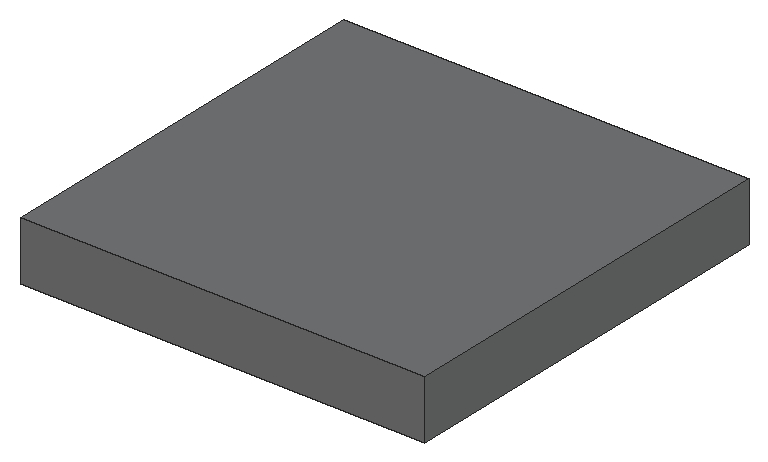
Revit family "Gira_028501", category Electrical Fixtures, host Face, Revit 2017
Family settings
  Host = Face
  Maintain Annotation Orientation = No
  Round Connector Dimension = Use Diameter
  Part Type = Normal
  Cut with Voids When Loaded = No
  Shared = No
  Room Calculation Point = No
Parameters (values of type "Rocker sym.light System 55 cr.white")
  With exchangeable lens/symbol = "No"
  URL = "http://katalog.gira.de/en/datenblatt.html?artikelnr=028501"
  Suitable for touch sensor connector for bus system = "No"
  Scannable symbol / barrier free = "No"
  Name = "Rocker sym.light System 55 cr.white"
  Monitoring window/light outlet = "No"
  Model = "Single rocker"
  Manufacturer URL = "https://www.gira.de/"
  Manufacturer = "Gira"
  Keynote = ""
  HeinzeBIM = "https://bimportal.heinze.de/bim/rocker-sym-light-system-55-cr-white/d88663e9f88a82500990701dfed52db95669fe76"
  HAN = "028501"
  GTIN = "4010337285014"
  Description = "Rock.sym.light Sys55 CW,Rocker with symbol,Light,cream white glossy,"
  Default Elevation = 1219.2 mm
  Data sheet (1) = "https://katalog.gira.de/en/download.html?artikelnr=028501"
  Category = "Control element/cover plate for domestic switching devices"
  BIM (1) = "https://media.stage.bim.site/public/gira/36a6b08/Sys55_Abdeckung_Schalten und Tasten.rfa?public/gira/36a6b08/Sys55_Abdeckung_Schalten und Tasten.rfa"
  Available = "No"
  Anthrazit [instance] = Anthrazit
Reference planes
  plane 1 "Center (Front/Back)": y = 0
  plane 2: z = 0
  plane 3 "Center (Left/Right)": x = 0
Forms (mm)
  Extrusion 1, solid, material "Anthrazit" <- "Anthrazit", detail levels fine
    sketch origin (0, 0, 0) x (1, 0, 0) y (0, 1, 0)
      loop
        line (-27.5, 27.5) -> (-27.5, -27.5) -> (27.5, -27.5) -> (27.5, 27.5) -> (-27.5, 27.5)
    from 0 to 8
  Extrusion 2, void
    sketch origin (0, 0, 0) x (1, 0, 0) y (0, 1, 0)
      loop
        line (26, 26) -> (-26, 26) -> (-26, -26) -> (26, -26) -> (26, 26)
    from 0 to 6
  Extrusion 3, solid, material "Anthrazit" <- "Anthrazit", detail levels medium
    sketch origin (0, 0, 0) x (1, 0, 0) y (0, 1, 0)
      loop
        line (-27.5, 27.5) -> (-27.5, -27.5) -> (27.5, -27.5) -> (27.5, 27.5) -> (-27.5, 27.5)
    from 0 to 8
  Extrusion 4, solid, material "Anthrazit" <- "Anthrazit", detail levels medium
    sketch origin (0, 0, 0) x (1, 0, 0) y (0, 1, 0)
      loop
        line (11, -17.5) -> (11, 17.5) -> (-11, 17.5) -> (-11, -17.5) -> (11, -17.5)
    from -6 to 6
  Extrusion 5, solid, material "Anthrazit" <- "Anthrazit", detail levels fine
    sketch origin (0, 0, 0) x (1, 0, 0) y (0, 1, 0)
      loop
        line (11, 17.5) -> (-11, 17.5) -> (-11, 16.5) -> (11, 16.5) -> (11, 17.5)
      loop
        line (-11, -16.5) -> (-11, -17.5) -> (11, -17.5) -> (11, -16.5) -> (-11, -16.5)
    from -4 to 6
  Extrusion 6, solid, material "Anthrazit" <- "Anthrazit", detail levels fine
    sketch origin (0, 0, 0) x (1, 0, 0) y (0, 1, 0)
      loop
        arc (5, 9.347) -> (0, 10.6) -> (-5, 9.347) r 10.6
        line (-5, 9.347) -> (-5, -9.347)
        arc (-5, -9.347) -> (0, -10.6) -> (5, -9.347) r 10.6
        line (5, -9.347) -> (5, 9.347)
    from -6 to 6
  Extrusion 7, solid, material "Anthrazit" <- "Anthrazit", detail levels coarse
    sketch origin (0, 0, 0) x (1, 0, 0) y (0, 1, 0)
      loop
        line (-27.5, 27.5) -> (-27.5, -27.5) -> (27.5, -27.5) -> (27.5, 27.5) -> (-27.5, 27.5)
    from -6 to 8
Cuts and joins
  Extrusion 2 cuts Extrusion 1
Dimensions and locks
  aligned and locked: plane 2 to host face
  aligned and locked: level to host face
